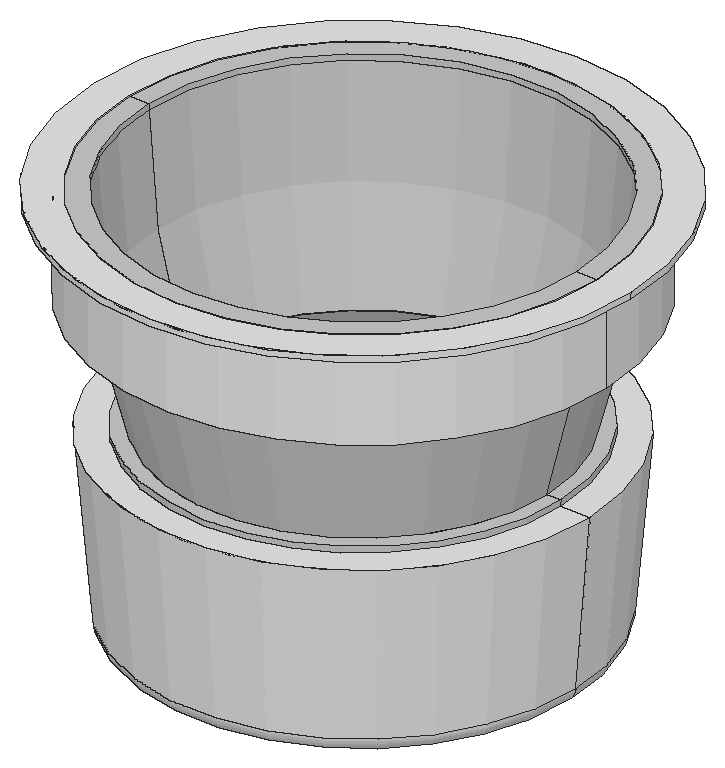
Revit family "2059344 Lighting Fixture_Sylvania_Ascent 150 II Round_Ceiling Recessed", category Lighting Fixtures, host Face, Revit 2017
Family settings
  Host = Face
  Round Connector Dimension = Use Diameter
  Part Type = Normal
  OmniClass Number = 23.80.70.11.17
  OmniClass Title = Specialized Lighting by Location or Use
  Cut with Voids When Loaded = No
  Light Source = Yes
  Shared = No
  Room Calculation Point = No
Parameters (values of type "ASCENT 150 II 1200 4K STD")
  Upper Body Radius = Radius - 14.5 mm  # 80.0 mm
  Upper Body Material = Metal_Sylvania_Ascent 150 II_Black
  Ring Outer Diameter = Diameter - 17.0 mm  # 172.0 mm
  Ring Inner Diameter = Ring Outer Diameter - 4.0 mm  # 168.0 mm
  Reflector Material = Metal_Sylvania_Ascent 150 II_Polished
  Recessed Depth = 142.0 mm
  Radius = Diameter / 2  # 94.5 mm
  Light Emit  Diameter = Diameter - 38.0 mm  # 151.0 mm
  LOR = "100%"  # constant formula
  Inrush Current (max. quantity per 16A C breaker) = "80"  # constant formula
  Inner Reflector Radius = Inner Radius - 19.5 mm  # 63.0 mm
  Inner Radius = Inner Diameter / 2  # 82.5 mm
  Inner Diameter = Diameter - 24.0 mm  # 165.0 mm
  IP Rating = "IP44"  # constant formula
  IK Rating = "IK02"  # constant formula
  Glow Wire Test = 650 °C  # constant formula
  Energy Class = "A++,A+,A"  # constant formula
  Weight = 1.7 kg
  Wattage = 10 W
  built-in parameter 1150110 = 1 (stored number, unit not read)
  Voltage Comments = "UNV (Universal Voltage; 220-240 Volt)"  # constant formula
  Voltage = 230 V  # constant formula
  URL = "https://www.sylvania-lighting.com"
  built-in parameter 1114217 = 1 (stored number, unit not read)
  Tilt Angle = -90°
  built-in parameter 1150109 = 1 (stored number, unit not read)
  built-in parameter 1150134 = 12
  built-in parameter 1150113 = 1 (stored number, unit not read)
  Product Page URL = "https://www.sylvania-lighting.com/product/en-int/products/2059344"
  Product Family = "ASCENT 150 II ROUND"  # constant formula
  Photometry Comments = ""
  Photometric Web File = "2059344_ASCENT150II12004KSTD-206136.ies"
  Life = "50 000 h"  # constant formula
  Emit from Circle Diameter = Light Emit  Diameter  # 151.0 mm
  Emit Shape Visible in Rendering = no
  Emergency duration (h) = "N/A"
  Electrical Protection = "Class II"  # constant formula
  Drive Current = "350mA"  # constant formula
  Distribution type = "Direct"  # constant formula
  Diffuser Material = Glass_Sylvania_Ascent 150 II_Clear_4000K
  Diameter = 189.0 mm
  Cutout Diameter = Diameter - 13.0 mm  # 176.0 mm
  Colour consistency (SDCM) = "3 step"  # constant formula
  built-in parameter 1114216 [instance] = 1 (stored number, unit not read)
  Model = "ASCENT 150 II 1200 4K STD"
  Manufacturer = "Feilo Sylvania"
  built-in parameter 1150105 = 97.88 (stored number, unit not read)
  Lumens = 1230 lm
  built-in parameter 1150115 = 1 (stored number, unit not read)
  built-in parameter 1150137 = (empty or 0)
  built-in parameter 1150139 = (empty or 0)
  built-in parameter 1150112 = 1 (stored number, unit not read)
  built-in parameter 1150114 = 1 (stored number, unit not read)
  Lamp Comments = "Integrated LED"  # constant formula
  Lamp = "LED"  # constant formula
  built-in parameter 1150132 = 2
  built-in parameter 1150102 = (empty or 0)
  built-in parameter 1150107 = 4000 (stored number, unit not read)
  built-in parameter 1150138 = (empty or 0)
  built-in parameter 1150106 = 0.9788 (stored number, unit not read)
  built-in parameter 1150104 = 11.427 (stored number, unit not read)
  Dimming Lamp Color Temperature Shift = <None>
  Description = "A very high efficient round downlight up to 127lm/W Long life >50,000hrs 4,000K and 3,000K CCT and CRI Ra85 IP44 rated for wet areas and bathrooms UGR <19 version for offices to comply with EN12464-1 Wide selection of decorative accessories"  # constant formula
  Default Elevation = 0.0 mm
  Color Filter = 16777215
  Catalog Number = "2059344 ASCENT 150 II 1200 4K STD"
  built-in parameter 1140040 [instance] = 1
  CRI (Ra) = ">80"  # constant formula
  built-in parameter 1114218 = 1 (stored number, unit not read)
  built-in parameter 1150133 = 10 (stored number, unit not read)
  Assembly Code = "D5020200"
  Apparent Load Comments = ""
  Apparent Load = 10 VA
  Accessory Material = Aluminum_Sylvania_Ascent 150 II_White
Reference planes
  plane 1 "Center (Front/Back)": y = 0
  plane 2: z = 0
  plane 3 "Center (Left/Right)": x = 0
  plane 4: z = 2
  plane 5: z = -74
  plane 6 "Fixture Top": z = -140
  plane 7: z = -31
  plane 8: z = -72
  plane 9: z = -62.037
Forms (mm)
  Extrusion 1, solid, material "Aluminum_Sylvania_Ascent 150 II_White" <- "Accessory Material", detail levels fine
    sketch origin (0, 0, 0) x (1, 0, 0) y (0, 1, 0)
      loop
        circle (0, 0) r 94.5
      loop
        circle (0, 0) r 82.5
    from 0 to 2
  Extrusion 2, void
    sketch origin (0, 0, 0) x (1, 0, 0) y (0, 1, 0)
      loop
        circle (0, 0) r 88
    from -140 to 2
  Revolve 3, solid, material "Metal_Sylvania_Ascent 150 II_Polished" <- "Reflector Material", detail levels fine
    sketch origin (0, 0, 0) x (1, 0, 0) y (0, 0, 1)
      loop
        line (-82.5, 0) -> (-77.5, 0)
        arc (-77.5, 0) -> (-74.352, -36.539) -> (-65, -72) r 213.61
        line (-65, -72) -> (-70, -72) -> (-70, -74) -> (0, -74) -> (0, -72) -> (-63, -72)
        arc (-63, -72) -> (-72.352, -36.539) -> (-75.5, 0) r 213.61
        line (-75.5, 0) -> (-75.5, 2) -> (-82.5, 2) -> (-82.5, 0)
      axis (0, 2) -> (0, -74)
    angle from 0 to 360
  Extrusion 4, solid, material "Aluminum_Sylvania_Ascent 150 II_White" <- "Accessory Material", detail levels fine
    sketch origin (0, 0, 0) x (1, 0, 0) y (0, 1, 0)
      loop
        circle (0, 0) r 86
      loop
        circle (0, 0) r 84
    from -31 to 0
  Revolve 5, solid, material "Glass_Sylvania_Ascent 150 II_Clear_4000K" <- "Diffuser Material", detail levels fine
    sketch origin (0, 0, 0) x (1, 0, 0) y (0, 0, 1)
      loop
        line (-63, -72) -> (0, -72) -> (0, -62.037)
        arc (0, -62.037) -> (-31.891, -64.543) -> (-63, -72) r 204.163
      axis (0, -62.037) -> (0, -72)
    angle from 0 to 360
  Revolve 6, solid, material "Metal_Sylvania_Ascent 150 II_Black" <- "Upper Body Material", detail levels fine
    sketch origin (0, 0, 0) x (1, 0, 0) y (0, 0, 1)
      loop
        line (0, -74) -> (-80, -74) -> (-75.107, -129.929)
        arc (-75.107, -129.929) -> (-73.452, -133.536) -> (-69.924, -135.353) r 6.079
        arc (-69.924, -135.353) -> (-35.039, -138.837) -> (0, -140) r 528.435
        line (0, -140) -> (0, -74)
      axis (0, -74) -> (0, -140)
    angle from 0 to 360
  Revolve 7, solid, material "Aluminum_Sylvania_Ascent 150 II_White" <- "Accessory Material", detail levels coarse+medium
    sketch origin (0, 0, 0) x (1, 0, 0) y (0, 0, 1)
      loop
        arc (-69.924, -135.353) -> (-35.039, -138.837) -> (0, -140) r 528.435
        line (0, -140) -> (0, 2) -> (-94.5, 2) -> (-94.5, 0) -> (-86, 0) -> (-86, -31)
        arc (-86, -31) -> (-84.493, -52.708) -> (-80, -74) r 157.083
        line (-80, -74) -> (-75.107, -129.929)
        arc (-75.107, -129.929) -> (-73.452, -133.536) -> (-69.924, -135.353) r 6.079
      axis (0, 2) -> (0, -140)
    angle from 0 to 360
Cuts and joins
  joined: Extrusion 1, Extrusion 4
Lines and regions (mm)
  Masking region 1
    outline origin (0, 0, 0) x (1, 0, 0) y (0, 1, 0)
      loop
        circle (0, 0) r 94.5
  symbolic lines, detail levels fine
    curve 1: arc (-75.5, 0, 0) -> (0, 75.5, 0) -> (75.5, 0, 0) r 75.5
    curve 2: arc (75.5, 0, 0) -> (0, -75.5, 0) -> (-75.5, 0, 0) r 75.5
Dimensions and locks
  plane 4 to plane 2 to plane 7 to plane 9 to plane 8 to plane 5 = 2.0 mm locked, 31.0 mm locked, 31.037 mm locked, 9.963 mm locked, 2.0 mm locked
  "Inner Radius": plane 3 "Center (Left/Right)" to Revolve 3 sketch curve
  locked: Revolve 3 sketch curve to Revolve 3 sketch curve at 7
  Revolve 3 sketch curve to Revolve 3 sketch curve to Revolve 3 sketch curve to Revolve 3 sketch curve = 2.0 mm locked, 5.0 mm locked, 12.5 mm locked
  "Inner Reflector Radius": Revolve 5 sketch curve to imposter light
  Revolve 6 sketch curve to Revolve 6 sketch curve to plane 6 "Fixture Top" = 5.424 mm locked, 4.647 mm locked
  "Recessed Depth": plane 4 to plane 6 "Fixture Top"
  "Upper Body Radius": plane 3 "Center (Left/Right)" to Revolve 6 sketch curve
  Revolve 6 sketch curve to Revolve 6 sketch curve to Revolve 6 sketch curve = 4.893 mm locked, 5.183 mm locked
  Revolve 7 sketch curve to Revolve 7 sketch curve to plane 6 "Fixture Top" = 5.424 mm locked, 4.647 mm locked
  Revolve 7 sketch curve to Revolve 7 sketch curve to Revolve 7 sketch curve to Revolve 7 sketch curve to Revolve 7 sketch curve = 8.5 mm locked, 6.0 mm locked, 4.893 mm locked, 5.183 mm locked
  "Radius": plane 3 "Center (Left/Right)" to Revolve 7 sketch curve
  "Diameter": diameter of Extrusion 1 sketch curve
  "Inner Diameter": diameter of Extrusion 1 sketch curve
  "Cutout Diameter": diameter of Extrusion 2 sketch curve
  "Ring Outer Diameter": diameter of Extrusion 4 sketch curve
  "Ring Inner Diameter": diameter of Extrusion 4 sketch curve
  aligned and locked: plane 2 to host face
  aligned and locked: level to host face
  aligned and locked: imposter light to plane 3 "Center (Left/Right)"
  aligned and locked: imposter light to plane 1 "Center (Front/Back)"
  aligned and locked: Extrusion 1 to plane 2
  aligned and locked: plane 4 to Extrusion 1
  aligned and locked: imposter light to plane 4
  aligned and locked: imposter light to Revolve 3 sketch curve
  aligned and locked: Revolve 3 sketch curve to imposter light
  aligned and locked: Revolve 3 sketch curve to plane 2
  aligned and locked: Revolve 3 sketch curve to Revolve 3 sketch curve
  aligned and locked: plane 5 to Revolve 3 sketch curve
  aligned and locked: Extrusion 4 to plane 7
  aligned and locked: Revolve 3 sketch curve to plane 8
  aligned and locked: Revolve 5 sketch curve to plane 8
  aligned and locked: imposter light to Revolve 5 sketch curve  (x2)
  aligned and locked: imposter light to Revolve 6 sketch curve  (x2)
  aligned and locked: plane 5 to Revolve 6 sketch curve
  aligned and locked: plane 6 "Fixture Top" to Revolve 6 sketch curve
  aligned and locked: Revolve 7 sketch curve to plane 2
  aligned and locked: plane 4 to Revolve 7 sketch curve
  aligned and locked: plane 7 to Revolve 7 sketch curve
  aligned and locked: imposter light to Extrusion 2
  aligned and locked: Extrusion 2 to plane 6 "Fixture Top"
  aligned and locked: Masking region 1 sketch curve to Revolve 7  (x2)
  aligned and locked: curve 1 to Revolve 3
  aligned and locked: curve 2 to Revolve 3
Automatic sketch dimensions
  host sketch curve to host sketch curve = 1040.406 mm
  host sketch curve to host sketch curve = 988.385 mm
  Extrusion 1 sketch curve to Extrusion 1 sketch curve = 0.0 mm  (x2)
  plane 1 "Center (Front/Back)" to Extrusion 1 sketch curve = 0.0 mm
  Extrusion 1 sketch curve to plane 3 "Center (Left/Right)" = 0.0 mm
  plane 1 "Center (Front/Back)" to Extrusion 2 sketch curve = 0.0 mm
  Extrusion 2 sketch curve to plane 3 "Center (Left/Right)" = 0.0 mm
  Revolve 3 sketch curve to plane 3 "Center (Left/Right)" = 0.0 mm
  Revolve 3 sketch curve to level = 0.0 mm
  Revolve 3 sketch curve to Revolve 3 sketch curve = 2.0 mm
  Revolve 3 sketch curve to plane 5 = 27.065 mm
  plane 4 to Revolve 3 sketch curve = 16.525 mm
  Extrusion 4 sketch curve to Extrusion 4 sketch curve = 0.0 mm  (x2)
  plane 1 "Center (Front/Back)" to Extrusion 4 sketch curve = 0.0 mm
  Extrusion 4 sketch curve to plane 3 "Center (Left/Right)" = 0.0 mm
  Revolve 5 sketch curve to plane 9 = 0.0 mm
  Revolve 5 sketch curve to plane 5 = 17.158 mm
  Revolve 5 sketch curve to plane 7 = 15.158 mm
  Revolve 6 sketch curve to plane 7 = 0.0 mm
  Revolve 6 sketch curve to Revolve 6 sketch curve = 6.05 mm
  Revolve 6 sketch curve to plane 6 "Fixture Top" = 26.0 mm
  Revolve 7 sketch curve to plane 3 "Center (Left/Right)" = 0.0 mm  (x2)
  Revolve 7 sketch curve to plane 6 "Fixture Top" = 0.0 mm
  Revolve 7 sketch curve to plane 5 = 0.0 mm
  Revolve 7 sketch curve to plane 7 = 0.0 mm
  Revolve 7 sketch curve to Revolve 7 sketch curve = 0.866 mm
  Revolve 7 sketch curve to Revolve 7 sketch curve = 26.0 mm
Connectors
  electrical at (0, 0, -140), driven by "Apparent Load", driven by "Voltage"
    settings: index 1, voltage 230 V, apparent load 0 VA, apparent load phase1 10 VA, apparent load phase2 0 VA, apparent load phase3 0 VA, power factor 1, load classification "Lighting", number of poles 1, system type 31, power factor state 1, is connector primary yes, connector utility no, sub classification motor no, connector description ""
